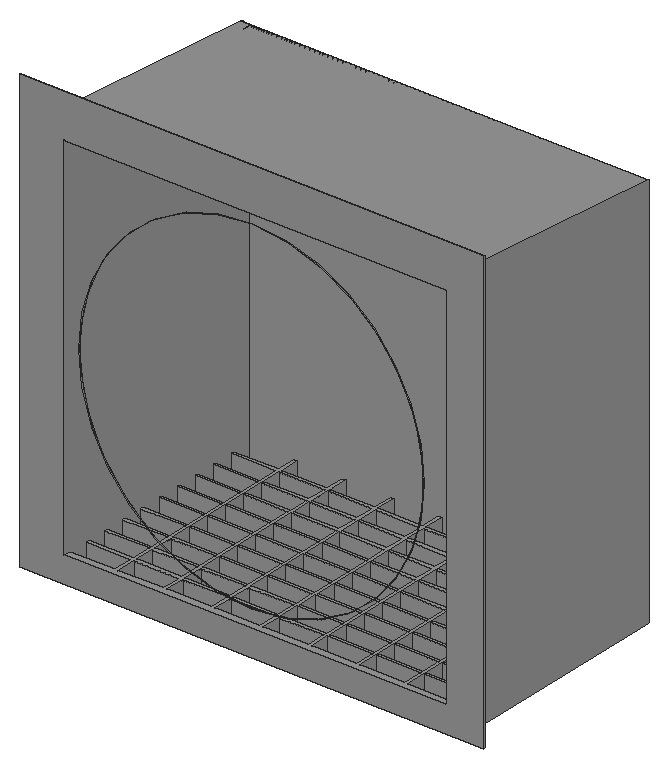
Revit family "Weather Protection Cowl Ø250", category Air Terminals, Revit 2019
Family settings
  Round Connector Dimension = Use Diameter
  Part Type = Normal
  Work Plane-Based = No
  Always vertical = Yes
  Cut with Voids When Loaded = No
  Shared = No
  Room Calculation Point = No
Parameters
  URL = "https://www.airmaster-as.com/en/products/accessories/fa%C3%A7ade-grill/"
  Model = "Weather Protection Cowl Ø250"
  Manufacturer = "Airmaster A/S"
  Description = "Storm cap can be used when the supply and exhaust are particularly exposed to wind."
Reference planes
  plane 1 "Center (Front/Back)": y = 0
  plane 2: z = 0
  plane 3 "Center (Left/Right)": x = 0
Forms (mm)
  Extrusion 1, void
    sketch origin (-2.144, 0, -183.357) x (0, 0, -1) y (-1, 0, 0)
      loop
        line (-46.765, -143.369) -> (-46.765, 134.081) -> (-316.262, 134.081) -> (-316.262, -143.369) -> (-46.765, -143.369)
    from 0 to 167.402
  Extrusion 2, solid, material "Wall Cvover"
    sketch origin (0.356, -75, -6.857) x (0, 1, 0) y (0, 0, 1)
      loop
        line (75.902, 154.651) -> (75.902, 171.011) -> (75, 171.011) -> (75, -148.238) -> (244.408, -148.238)
        arc (244.408, -148.238) -> (245.115, -147.945) -> (245.408, -147.238) r 1
        line (245.408, -147.238) -> (245.408, 138.905)
        arc (245.408, 138.905) -> (245.146, 139.581) -> (244.496, 139.901) r 1
        line (244.496, 139.901) -> (75.902, 154.651)
    from -168.356 to 167.644
  Extrusion 3, void
    sketch origin (2.856, 205.969, -6.857) x (0, 1, 0) y (-1, 0, 0)
      loop
        line (-38.568, 139.081) -> (-52.968, 139.081) -> (-52.968, 106.281) -> (-38.568, 106.281) -> (-38.568, 139.081)
      loop
        line (-38.568, 104.131) -> (-52.968, 104.131) -> (-52.968, 71.331) -> (-38.568, 71.331) -> (-38.568, 104.131)
      loop
        line (-38.568, 69.181) -> (-52.968, 69.181) -> (-52.968, 36.381) -> (-38.568, 36.381) -> (-38.568, 69.181)
      loop
        line (-38.568, 34.231) -> (-52.968, 34.231) -> (-52.968, 1.431) -> (-38.568, 1.431) -> (-38.568, 34.231)
      loop
        line (-38.568, -0.719) -> (-52.968, -0.719) -> (-52.968, -33.519) -> (-38.568, -33.519) -> (-38.568, -0.719)
      loop
        line (-38.568, -35.669) -> (-52.968, -35.669) -> (-52.968, -68.469) -> (-38.568, -68.469) -> (-38.568, -35.669)
      loop
        line (-38.568, -70.619) -> (-52.968, -70.619) -> (-52.968, -103.419) -> (-38.568, -103.419) -> (-38.568, -70.619)
      loop
        line (-38.568, -105.569) -> (-52.968, -105.569) -> (-52.968, -138.369) -> (-38.568, -138.369) -> (-38.568, -105.569)
      loop
        line (-54.968, 139.081) -> (-69.368, 139.081) -> (-69.368, 106.281) -> (-54.968, 106.281) -> (-54.968, 139.081)
      loop
        line (-54.968, 104.131) -> (-69.368, 104.131) -> (-69.368, 71.331) -> (-54.968, 71.331) -> (-54.968, 104.131)
      loop
        line (-54.968, 69.181) -> (-69.368, 69.181) -> (-69.368, 36.381) -> (-54.968, 36.381) -> (-54.968, 69.181)
      loop
        line (-54.968, 34.231) -> (-69.368, 34.231) -> (-69.368, 1.431) -> (-54.968, 1.431) -> (-54.968, 34.231)
      loop
        line (-54.968, -0.719) -> (-69.368, -0.719) -> (-69.368, -33.519) -> (-54.968, -33.519) -> (-54.968, -0.719)
      loop
        line (-54.968, -35.669) -> (-69.368, -35.669) -> (-69.368, -68.469) -> (-54.968, -68.469) -> (-54.968, -35.669)
      loop
        line (-54.968, -70.619) -> (-69.368, -70.619) -> (-69.368, -103.419) -> (-54.968, -103.419) -> (-54.968, -70.619)
      loop
        line (-54.968, -105.569) -> (-69.368, -105.569) -> (-69.368, -138.369) -> (-54.968, -138.369) -> (-54.968, -105.569)
      loop
        line (-71.368, 139.081) -> (-85.768, 139.081) -> (-85.768, 106.281) -> (-71.368, 106.281) -> (-71.368, 139.081)
      loop
        line (-71.368, 104.131) -> (-85.768, 104.131) -> (-85.768, 71.331) -> (-71.368, 71.331) -> (-71.368, 104.131)
      loop
        line (-71.368, 69.181) -> (-85.768, 69.181) -> (-85.768, 36.381) -> (-71.368, 36.381) -> (-71.368, 69.181)
      loop
        line (-71.368, 34.231) -> (-85.768, 34.231) -> (-85.768, 1.431) -> (-71.368, 1.431) -> (-71.368, 34.231)
      loop
        line (-71.368, -0.719) -> (-85.768, -0.719) -> (-85.768, -33.519) -> (-71.368, -33.519) -> (-71.368, -0.719)
      loop
        line (-71.368, -35.669) -> (-85.768, -35.669) -> (-85.768, -68.469) -> (-71.368, -68.469) -> (-71.368, -35.669)
      loop
        line (-71.368, -70.619) -> (-85.768, -70.619) -> (-85.768, -103.419) -> (-71.368, -103.419) -> (-71.368, -70.619)
      loop
        line (-71.368, -105.569) -> (-85.768, -105.569) -> (-85.768, -138.369) -> (-71.368, -138.369) -> (-71.368, -105.569)
      loop
        line (-87.768, 139.081) -> (-102.168, 139.081) -> (-102.168, 106.281) -> (-87.768, 106.281) -> (-87.768, 139.081)
      loop
        line (-87.768, 104.131) -> (-102.168, 104.131) -> (-102.168, 71.331) -> (-87.768, 71.331) -> (-87.768, 104.131)
      loop
        line (-87.768, 69.181) -> (-102.168, 69.181) -> (-102.168, 36.381) -> (-87.768, 36.381) -> (-87.768, 69.181)
      loop
        line (-88.273, 34.231) -> (-102.168, 34.231) -> (-102.168, 1.431) -> (-88.273, 1.431) -> (-88.273, 34.231)
      loop
        line (-87.768, -0.719) -> (-102.168, -0.719) -> (-102.168, -33.519) -> (-87.768, -33.519) -> (-87.768, -0.719)
      loop
        line (-87.768, -35.669) -> (-102.168, -35.669) -> (-102.168, -68.469) -> (-87.768, -68.469) -> (-87.768, -35.669)
      loop
        line (-87.768, -70.619) -> (-102.168, -70.619) -> (-102.168, -103.419) -> (-87.768, -103.419) -> (-87.768, -70.619)
      loop
        line (-87.768, -105.569) -> (-102.168, -105.569) -> (-102.168, -138.369) -> (-87.768, -138.369) -> (-87.768, -105.569)
      loop
        line (-104.168, 139.081) -> (-118.568, 139.081) -> (-118.568, 106.281) -> (-104.168, 106.281) -> (-104.168, 139.081)
      loop
        line (-104.168, 104.131) -> (-118.568, 104.131) -> (-118.568, 71.331) -> (-104.168, 71.331) -> (-104.168, 104.131)
      loop
        line (-104.168, 69.181) -> (-118.568, 69.181) -> (-118.568, 36.381) -> (-104.168, 36.381) -> (-104.168, 69.181)
      loop
        line (-104.168, 34.231) -> (-118.568, 34.231) -> (-118.568, 1.431) -> (-104.168, 1.431) -> (-104.168, 34.231)
      loop
        line (-104.168, -0.719) -> (-118.568, -0.719) -> (-118.568, -33.519) -> (-104.168, -33.519) -> (-104.168, -0.719)
      loop
        line (-104.168, -35.669) -> (-118.568, -35.669) -> (-118.568, -68.469) -> (-104.168, -68.469) -> (-104.168, -35.669)
      loop
        line (-104.168, -70.619) -> (-118.568, -70.619) -> (-118.568, -103.419) -> (-104.168, -103.419) -> (-104.168, -70.619)
      loop
        line (-104.168, -105.569) -> (-118.568, -105.569) -> (-118.568, -138.369) -> (-104.168, -138.369) -> (-104.168, -105.569)
      loop
        line (-120.568, 139.081) -> (-134.968, 139.081) -> (-134.968, 106.281) -> (-120.568, 106.281) -> (-120.568, 139.081)
      loop
        line (-120.568, 104.131) -> (-134.968, 104.131) -> (-134.968, 71.331) -> (-120.568, 71.331) -> (-120.568, 104.131)
      loop
        line (-120.568, 69.181) -> (-134.968, 69.181) -> (-134.968, 36.381) -> (-120.568, 36.381) -> (-120.568, 69.181)
      loop
        line (-120.568, 34.231) -> (-134.968, 34.231) -> (-134.968, 1.431) -> (-120.568, 1.431) -> (-120.568, 34.231)
      loop
        line (-120.568, -0.719) -> (-134.968, -0.719) -> (-134.968, -33.519) -> (-120.568, -33.519) -> (-120.568, -0.719)
      loop
        line (-120.568, -35.669) -> (-134.968, -35.669) -> (-134.968, -68.469) -> (-120.568, -68.469) -> (-120.568, -35.669)
      loop
        line (-120.568, -70.619) -> (-134.968, -70.619) -> (-134.968, -103.419) -> (-120.568, -103.419) -> (-120.568, -70.619)
      loop
        line (-120.568, -105.569) -> (-134.968, -105.569) -> (-134.968, -138.369) -> (-120.568, -138.369) -> (-120.568, -105.569)
      loop
        line (-136.968, 139.081) -> (-151.368, 139.081) -> (-151.368, 106.281) -> (-136.968, 106.281) -> (-136.968, 139.081)
      loop
        line (-136.968, 104.131) -> (-151.368, 104.131) -> (-151.368, 71.331) -> (-136.968, 71.331) -> (-136.968, 104.131)
      loop
        line (-136.968, 69.181) -> (-151.368, 69.181) -> (-151.368, 36.381) -> (-136.968, 36.381) -> (-136.968, 69.181)
      loop
        line (-136.968, 34.231) -> (-151.368, 34.231) -> (-151.368, 1.431) -> (-136.968, 1.431) -> (-136.968, 34.231)
      loop
        line (-136.968, -0.719) -> (-151.368, -0.719) -> (-151.368, -33.519) -> (-136.968, -33.519) -> (-136.968, -0.719)
      loop
        line (-136.968, -35.669) -> (-151.368, -35.669) -> (-151.368, -68.469) -> (-136.968, -68.469) -> (-136.968, -35.669)
      loop
        line (-136.968, -70.619) -> (-151.368, -70.619) -> (-151.368, -103.419) -> (-136.968, -103.419) -> (-136.968, -70.619)
      loop
        line (-136.968, -105.569) -> (-151.368, -105.569) -> (-151.368, -138.369) -> (-136.968, -138.369) -> (-136.968, -105.569)
      loop
        line (-153.368, 139.081) -> (-167.768, 139.081) -> (-167.768, 106.281) -> (-153.368, 106.281) -> (-153.368, 139.081)
      loop
        line (-153.368, 104.131) -> (-167.768, 104.131) -> (-167.768, 71.331) -> (-153.368, 71.331) -> (-153.368, 104.131)
      loop
        line (-153.368, 69.181) -> (-167.768, 69.181) -> (-167.768, 36.381) -> (-153.368, 36.381) -> (-153.368, 69.181)
      loop
        line (-153.368, 34.231) -> (-167.768, 34.231) -> (-167.768, 1.431) -> (-153.368, 1.431) -> (-153.368, 34.231)
      loop
        line (-153.368, -0.719) -> (-167.768, -0.719) -> (-167.768, -33.519) -> (-153.368, -33.519) -> (-153.368, -0.719)
      loop
        line (-153.368, -35.669) -> (-167.768, -35.669) -> (-167.768, -68.469) -> (-153.368, -68.469) -> (-153.368, -35.669)
      loop
        line (-153.368, -70.619) -> (-167.768, -70.619) -> (-167.768, -103.419) -> (-153.368, -103.419) -> (-153.368, -70.619)
      loop
        line (-153.368, -105.569) -> (-167.768, -105.569) -> (-167.768, -138.369) -> (-153.368, -138.369) -> (-153.368, -105.569)
      loop
        line (-169.768, 139.081) -> (-184.168, 139.081) -> (-184.168, 106.281) -> (-169.768, 106.281) -> (-169.768, 139.081)
      loop
        line (-169.768, 104.131) -> (-184.168, 104.131) -> (-184.168, 71.331) -> (-169.768, 71.331) -> (-169.768, 104.131)
      loop
        line (-169.768, 69.181) -> (-184.168, 69.181) -> (-184.168, 36.381) -> (-169.768, 36.381) -> (-169.768, 69.181)
      loop
        line (-169.768, 34.231) -> (-184.168, 34.231) -> (-184.168, 1.431) -> (-169.768, 1.431) -> (-169.768, 34.231)
      loop
        line (-169.768, -0.719) -> (-184.168, -0.719) -> (-184.168, -33.519) -> (-169.768, -33.519) -> (-169.768, -0.719)
      loop
        line (-169.768, -35.669) -> (-184.168, -35.669) -> (-184.168, -68.469) -> (-169.768, -68.469) -> (-169.768, -35.669)
      loop
        line (-169.768, -70.619) -> (-184.168, -70.619) -> (-184.168, -103.419) -> (-169.768, -103.419) -> (-169.768, -70.619)
      loop
        line (-169.768, -105.569) -> (-184.168, -105.569) -> (-184.168, -138.369) -> (-169.768, -138.369) -> (-169.768, -105.569)
      loop
        line (-186.168, 139.081) -> (-200.568, 139.081) -> (-200.568, 106.281) -> (-186.168, 106.281) -> (-186.168, 139.081)
      loop
        line (-186.168, 104.131) -> (-200.568, 104.131) -> (-200.568, 71.331) -> (-186.168, 71.331) -> (-186.168, 104.131)
      loop
        line (-186.168, 69.181) -> (-200.568, 69.181) -> (-200.568, 36.381) -> (-186.168, 36.381) -> (-186.168, 69.181)
      loop
        line (-186.168, 34.231) -> (-200.568, 34.231) -> (-200.568, 1.431) -> (-186.168, 1.431) -> (-186.168, 34.231)
      loop
        line (-186.168, -0.719) -> (-200.568, -0.719) -> (-200.568, -33.519) -> (-186.168, -33.519) -> (-186.168, -0.719)
      loop
        line (-186.168, -35.669) -> (-200.568, -35.669) -> (-200.568, -68.469) -> (-186.168, -68.469) -> (-186.168, -35.669)
      loop
        line (-186.168, -70.619) -> (-200.568, -70.619) -> (-200.568, -103.419) -> (-186.168, -103.419) -> (-186.168, -70.619)
      loop
        line (-186.168, -105.569) -> (-200.568, -105.569) -> (-200.568, -138.369) -> (-186.168, -138.369) -> (-186.168, -105.569)
    from -213.017 to -108.476
  Extrusion 4, void
    sketch origin (-124.644, -75, -6.857) x (1, 0, 0) y (0, 1, 0)
      loop
        line (-19.356, 282.902) -> (275.259, 282.902) -> (275.259, 76.402)
        arc (275.259, 76.402) -> (275.405, 76.048) -> (275.759, 75.902) r 0.5
        line (275.759, 75.902) -> (325.169, 75.902) -> (331.928, 75.902) -> (331.928, 316.402) -> (-49.031, 316.402) -> (-49.031, 75.902) -> (-19.856, 75.902)
        arc (-19.856, 75.902) -> (-19.502, 76.048) -> (-19.356, 76.402) r 0.5
        line (-19.356, 76.402) -> (-19.356, 282.902)
    from -218.131 to 401
  Extrusion 5, solid, material "DUCT"
    sketch origin (0.356, 0, -190.857) x (0, 0, 1) y (-1, 0, 0)
      loop
        circle (192.261, 0) r 125
    from 0 to 1
Cuts and joins
  Extrusion 1, Extrusion 3, Extrusion 4 cuts Extrusion 2
Dimensions and locks
  Extrusion 2 to Extrusion 2 = 336 mm
  aligned and locked: level to plane 2
Connectors
  hvac at (0.356, 0, 1.404)
    settings: on Extrusion 5, index 1, duct flow 0.0 L/s, flow factor 0, pres drop 0.0 Pa, loss coef 0, conn angle 0.00°, conn width 304.8 mm, conn height 304.8 mm, conn diameter 250 mm, duct sys type 29, conn prof type 0, flow config 0, flow direction 0, loss method 0, conn ref index -1, conn util no, is conn primary yes, conn desc ""
